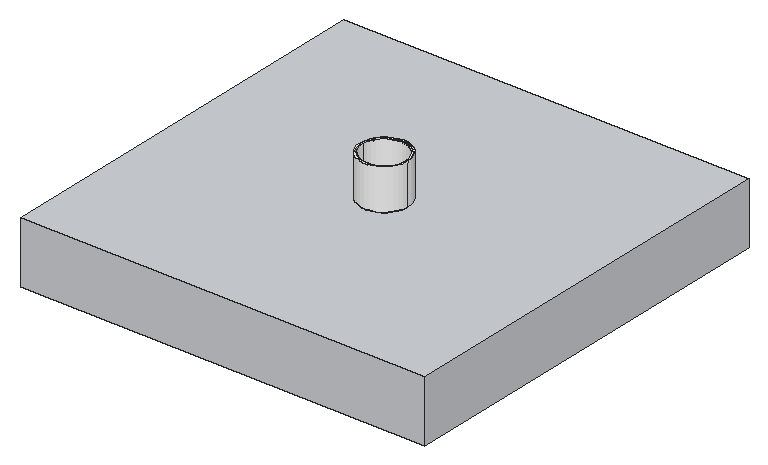
Revit family "Thorn Chalice Housing", category Leuchten, Revit 2016
Family settings
  Basisbauteil = Fläche
  Teiletyp = Normal
  Bemaßung runder Anschluss = Durchmesser verwenden
  OmniClass-Nummer = 23.80.70.11
  OmniClass-Titel = Luminaries for Internal Lighting
  Beim Laden mit Abzugskörper schneiden = Nein
  Lichtquelle = Nein
  Gemeinsam genutzt = Nein
  Raumberechnungspunkt = Nein
Parameters (values of type "Thorn Chalice Housing D220")
  Width = 220 mm  # constant formula
  Wattage Comments = ""
  URL = "http://wwwthornlighting.com/96628908"
  Typenkommentare = "© Thorn. We reserve the right to make technical changes without prior notice."  # constant formula
  Modell = "96628908"
  Hersteller = "Thorn Lighting"  # constant formula
  Length = 220 mm  # constant formula
  Lamp = ""
  Housing = Thorn_Metal_White
  Height = 228 mm  # constant formula
  Emissionsform beim Rendern sichtbar = no
  Beschreibung = "Cylindrical surface-mount housing"  # constant formula
  Default Elevation = 0 mm
  Baugruppenkennzeichen = "D5020200"
  Scheinlast = 0 VA
Reference planes
  plane 1 "Center (Front/Back)": y = 0
  plane 2 "Top": z = 0
  plane 3 "Center (Left/Right)": x = 399.5
  plane 4: z = 6
  plane 5 "Bottom": z = 206
  plane 6: z = 203
Forms (mm)
  Extrusion 1, solid
    sketch origin (0, 0, 0) x (1, 0, 0) y (0, 1, 0)
      loop
        line (-600.5, 1000) -> (-600.5, -1000) -> (1399.5, -1000) -> (1399.5, 1000) -> (-600.5, 1000)
    from 0 to -304.8
  Extrusion 2, solid, material "Thorn_Metal_White" <- "Housing"
    sketch origin (0, 0, 0) x (1, 0, 0) y (0, 1, 0)
      loop
        circle (399.5, 0) r 117.5
      loop
        circle (399.5, 0) r 112.5
    from 6 to 206
  Extrusion 3, solid, material "Thorn_Metal_Grey"
    sketch origin (0, 0, 0) x (1, 0, 0) y (0, 1, 0)
      loop
        circle (399.5, 0) r 112.5
    from 0 to 6
  Extrusion 4, solid, material "Thorn_Metal_White" <- "Housing"
    sketch origin (0, 0, 0) x (1, 0, 0) y (0, 1, 0)
      loop
        circle (399.5, 0) r 112.5
      loop
        circle (399.5, 0) r 107.5
    from 6 to 203
Cuts and joins
  joined: Extrusion 2, Extrusion 4
Dimensions and locks
  plane 5 "Bottom" to plane 4 to plane 2 "Top" = 200 mm locked, 6 mm locked
  locked: plane 5 "Bottom" to plane 6 at 3
  aligned and locked: plane 2 "Top" to Extrusion 1
  aligned and locked: level to Extrusion 1
  aligned and locked: Extrusion 3 to plane 4
  aligned and locked: plane 4 to Extrusion 2
  aligned and locked: Extrusion 2 to plane 5 "Bottom"
  aligned and locked: Extrusion 4 to plane 6
